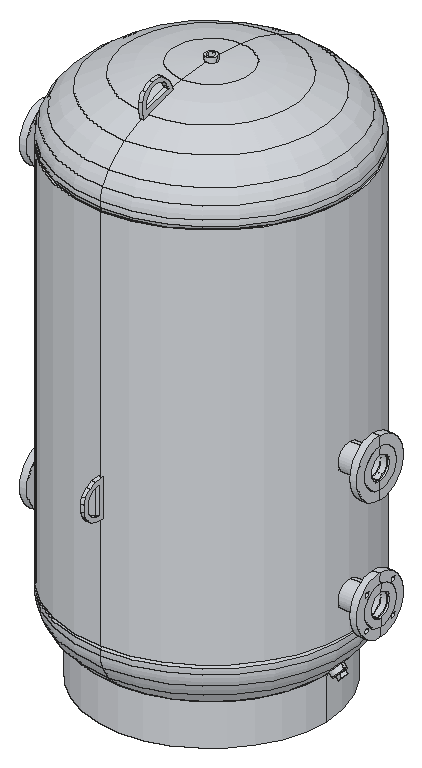
Revit family "HBT-300-33", category Generic Models, Revit 2014
Parameters (values of type "HBT-300-33")
  URL = "http://westank.com/"
  Tank Volume = 300.00 gal
  Part Number = 55643033
  Model = "HBT-300-33"
  Maximum Shipping Weight = 779 lbf
  G = 16"
  B = 3"
  A = 3"
  F = 32"
  E = 56"
  Description = "Wessels ASME 4-port primary-secondary Hot Water Buffer Tanks (HBT) are designed for use with today’s high efficiency systems that incorporate small modular low-mass boilers."
  D = 72"
  C = 36"
Reference planes (in)
  plane 1 "Center (Front/Back)": y = 0
  plane 2: z = 0
  plane 3 "Center (Left/Right)": x = 0
  plane 4: z = 0
  plane 5: x = -18
  plane 6: x = 18
  plane 7: z = 72
  plane 8: z = 56
  plane 9: z = 32
  plane 10: z = 16
Forms (in)
  Revolve 1, solid
    sketch origin (0, -0.02461, 0) x (0, 1, 0) y (0, 0, 1)
      loop
        line (-17.97559, 11.40987) -> (-17.77585, 11.40987)
        arc (-17.77585, 11.40987) -> (-17.77901, 11.38745) -> (-17.78675, 11.36617) r 0.10832
        line (-17.78675, 11.36617) -> (-17.97559, 10.97899)
        arc (-17.97559, 10.97899) -> (-17.97692, 10.6034) -> (-17.93634, 10.23002) r 3.36112
        arc (-17.93634, 10.23002) -> (-17.83534, 9.45516) -> (-17.56075, 8.72359) r 3.4127
        arc (-17.56075, 8.72359) -> (-17.14884, 7.91952) -> (-16.63227, 7.17835) r 6.68364
        arc (-16.63227, 7.17835) -> (-15.41449, 5.9118) -> (-13.99078, 4.88214) r 9.83519
        arc (-13.99078, 4.88214) -> (-12.33964, 3.99029) -> (-10.62031, 3.23825) r 22.63963
        arc (-10.62031, 3.23825) -> (-7.74153, 2.33452) -> (-4.76815, 1.82164) r 22.63963
        arc (-4.76815, 1.82164) -> (-2.37465, 1.61295) -> (0.02461, 1.4865) r 70.02787
        line (0.02461, 1.4865) -> (0.02461, 1.65848)
        arc (0.02461, 1.65848) -> (-2.3657, 1.78462) -> (-4.75028, 1.99258) r 69.85599
        arc (-4.75028, 1.99258) -> (-7.70109, 2.50157) -> (-10.55801, 3.39844) r 22.46775
        arc (-10.55801, 3.39844) -> (-12.26429, 4.14477) -> (-13.9029, 5.02985) r 22.46775
        arc (-13.9029, 5.02985) -> (-15.30173, 6.04151) -> (-16.49823, 7.28593) r 9.66331
        arc (-16.49823, 7.28593) -> (-17.00303, 8.01057) -> (-17.40515, 8.79685) r 6.51177
        arc (-17.40515, 8.79685) -> (-17.66943, 9.50016) -> (-17.76465, 10.24543) r 3.24083
        arc (-17.76465, 10.24543) -> (-17.80397, 10.58906) -> (-17.80585, 10.93493) r 3.18924
        line (-17.80585, 10.93493) -> (-17.63227, 11.29083)
        arc (-17.63227, 11.29083) -> (-17.60804, 11.35818) -> (-17.59889, 11.42917) r 0.33041
        line (-17.59889, 11.42917) -> (-17.80365, 11.42917) -> (-17.80365, 62.07314) -> (-17.59889, 62.07314)
        arc (-17.59889, 62.07314) -> (-17.60804, 62.14413) -> (-17.63227, 62.21149) r 0.33041
        line (-17.63227, 62.21149) -> (-17.80585, 62.56739)
        arc (-17.80585, 62.56739) -> (-17.80397, 62.91325) -> (-17.76465, 63.25688) r 3.18924
        arc (-17.76465, 63.25688) -> (-17.66943, 64.00215) -> (-17.40515, 64.70547) r 3.24083
        arc (-17.40515, 64.70547) -> (-17.00303, 65.49175) -> (-16.49823, 66.21639) r 6.51177
        arc (-16.49823, 66.21639) -> (-15.30173, 67.4608) -> (-13.9029, 68.47247) r 9.66331
        arc (-13.9029, 68.47247) -> (-12.26429, 69.35755) -> (-10.55801, 70.10388) r 22.46775
        arc (-10.55801, 70.10388) -> (-7.70109, 71.00074) -> (-4.75028, 71.50973) r 22.46775
        arc (-4.75028, 71.50973) -> (-2.3657, 71.71769) -> (0.02461, 71.84383) r 69.85599
        line (0.02461, 71.84383) -> (0.02461, 72.01582)
        arc (0.02461, 72.01582) -> (-2.37465, 71.88936) -> (-4.76815, 71.68068) r 70.02787
        arc (-4.76815, 71.68068) -> (-7.74153, 71.16779) -> (-10.62031, 70.26407) r 22.63963
        arc (-10.62031, 70.26407) -> (-12.33964, 69.51203) -> (-13.99078, 68.62018) r 22.63963
        arc (-13.99078, 68.62018) -> (-15.41449, 67.59052) -> (-16.63227, 66.32397) r 9.83519
        arc (-16.63227, 66.32397) -> (-17.14884, 65.58279) -> (-17.56075, 64.77872) r 6.68364
        arc (-17.56075, 64.77872) -> (-17.83534, 64.04715) -> (-17.93634, 63.2723) r 3.4127
        arc (-17.93634, 63.2723) -> (-17.97692, 62.89891) -> (-17.97559, 62.52332) r 3.36112
        line (-17.97559, 62.52332) -> (-17.78675, 62.13614)
        arc (-17.78675, 62.13614) -> (-17.77901, 62.11486) -> (-17.77585, 62.09244) r 0.10832
        line (-17.77585, 62.09244) -> (-17.97559, 62.09244) -> (-17.97559, 11.40987)
      axis (0.02461, 1.4865) -> (0.02461, 72.01582)
    angle from 0 to 360
  Revolve 2, solid
    sketch origin (-2.98639, 0, 41.50063) x (-1, 0, 0) y (0, 0, 1)
      loop
        line (17.8121, 12.74926) -> (17.8121, 12.37455) -> (18.0621, 12.37455) -> (18.0621, 10.7494) -> (18.9371, 10.7494) -> (18.9371, 11.9994) -> (18.9996, 11.9994) -> (18.9996, 12.74926) -> (17.8121, 12.74926)
      axis (18.9996, 14.49937) -> (17.8121, 14.49937)
    angle from 0 to 360
  Revolve 3, solid
    sketch origin (1.3301, 0, 3.24654) x (0.990017, 0, -0.140951) y (0.140951, 0, 0.990017)
      loop
        line (14.71753, 6.11956) -> (14.66586, 6.1556) -> (14.25436, 5.56561) -> (14.86992, 5.13627) -> (15.24588, 5.6753) -> (15.19462, 5.71106) -> (15.31904, 5.88945) -> (14.80641, 6.24699) -> (14.71753, 6.11956)
      axis (14.25436, 5.56561) -> (14.86992, 5.13627)
    angle from 0 to 360
  Extrusion 4, solid
    sketch origin (16.3437, -180, 7.27869) x (0.681658, 0, 0.731671) y (0, -1, 0)
      loop
        line (-0.16036, -179.52645) -> (-0.95521, -179.68698) -> (-0.79485, -180.48095) -> (0, -180.32042) -> (-0.16036, -179.52645)
    from 1.02698 to 1.52678
  Extrusion 5, solid
    sketch origin (0, -6.04905, 4.9833) x (0, 1, 0) y (0, 0, 1)
      loop
        line (-11.93439, 21.33067) -> (-11.93439, 26.202)
        arc (-11.93439, 26.202) -> (-12.47846, 26.15164) -> (-13.01533, 26.05008) r 5.77422
        arc (-13.01533, 26.05008) -> (-13.49297, 25.89754) -> (-13.94252, 25.67548) r 3.35288
        arc (-13.94252, 25.67548) -> (-14.34081, 25.36666) -> (-14.64962, 24.96837) r 2.0073
        arc (-14.64962, 24.96837) -> (-14.80343, 24.58932) -> (-14.88788, 24.18906) r 2.30742
        arc (-14.88788, 24.18906) -> (-14.91277, 23.77188) -> (-14.88788, 23.3547) r 3.50846
        arc (-14.88788, 23.3547) -> (-14.79412, 22.92876) -> (-14.61961, 22.52904) r 2.24053
        arc (-14.61961, 22.52904) -> (-14.27401, 22.08806) -> (-13.80999, 21.77406) r 1.8078
        arc (-13.80999, 21.77406) -> (-13.34321, 21.55591) -> (-12.84107, 21.44044) r 2.44481
        arc (-12.84107, 21.44044) -> (-12.39043, 21.36326) -> (-11.93439, 21.33067) r 4.65484
      loop
        arc (-12.44611, 25.63929) -> (-12.67227, 25.60073) -> (-12.89654, 25.55235) r 5.2625
        arc (-12.89654, 25.55235) -> (-13.30128, 25.42308) -> (-13.68221, 25.23491) r 2.84116
        arc (-13.68221, 25.23491) -> (-13.97364, 25.01013) -> (-14.20134, 24.72098) r 1.49558
        arc (-14.20134, 24.72098) -> (-14.3163, 24.43235) -> (-14.37979, 24.12821) r 1.7957
        arc (-14.37979, 24.12821) -> (-14.40106, 23.77188) -> (-14.37979, 23.41555) r 2.99674
        arc (-14.37979, 23.41555) -> (-14.30745, 23.08689) -> (-14.17279, 22.77846) r 1.72881
        arc (-14.17279, 22.77846) -> (-13.91552, 22.45353) -> (-13.56884, 22.22643) r 1.29608
        arc (-13.56884, 22.22643) -> (-13.1779, 22.0402) -> (-12.75531, 21.94566) r 1.9331
        arc (-12.75531, 21.94566) -> (-12.60126, 21.91347) -> (-12.44611, 21.88716) r 4.14312
        line (-12.44611, 21.88716) -> (-12.44611, 25.63929)
    from -0.24366 to 0.25634
  Extrusion 6, solid
    sketch origin (0, -28.53332, 53.09576) x (0, 0.284015, -0.95882) y (0, 0.95882, 0.284015)
      loop
        arc (-11.9298, 25.67102) -> (-12.15596, 25.63246) -> (-12.38023, 25.58408) r 5.2625
        arc (-12.38023, 25.58408) -> (-12.78497, 25.45482) -> (-13.16591, 25.26664) r 2.84116
        arc (-13.16591, 25.26664) -> (-13.45733, 25.04186) -> (-13.68503, 24.75271) r 1.49558
        arc (-13.68503, 24.75271) -> (-13.8, 24.46408) -> (-13.86349, 24.15994) r 1.7957
        arc (-13.86349, 24.15994) -> (-13.88475, 23.80361) -> (-13.86349, 23.44728) r 2.99674
        arc (-13.86349, 23.44728) -> (-13.79114, 23.11862) -> (-13.65649, 22.81019) r 1.72881
        arc (-13.65649, 22.81019) -> (-13.39922, 22.48527) -> (-13.05253, 22.25816) r 1.29608
        arc (-13.05253, 22.25816) -> (-12.66159, 22.07193) -> (-12.239, 21.97739) r 1.9331
        arc (-12.239, 21.97739) -> (-12.08496, 21.94521) -> (-11.9298, 21.91889) r 4.14312
        line (-11.9298, 21.91889) -> (-11.9298, 25.67102)
      loop
        line (-11.25461, 21.34343) -> (-11.25461, 26.18965)
        arc (-11.25461, 26.18965) -> (-12.15974, 26.1622) -> (-13.02719, 25.90227) r 3.48194
        arc (-13.02719, 25.90227) -> (-13.54727, 25.6041) -> (-13.99851, 25.20943) r 3.03185
        arc (-13.99851, 25.20943) -> (-14.28248, 24.55653) -> (-14.39992, 23.8543) r 2.91879
        arc (-14.39992, 23.8543) -> (-14.3348, 23.1787) -> (-14.08611, 22.54717) r 2.44012
        arc (-14.08611, 22.54717) -> (-13.716, 22.08641) -> (-13.21844, 21.76749) r 1.83162
        arc (-13.21844, 21.76749) -> (-12.25729, 21.45928) -> (-11.25461, 21.34343) r 5.1769
    from -0.24366 to 0.25634
  Extrusion 7, solid
    sketch origin (0, 0, 0) x (1, 0, 0) y (0, 1, 0)
      loop
        circle (0, 0) r 0.75
      loop
        circle (0, 0) r 0.5
    from 71.36613 to 72.49354
  Extrusion 8, void
    sketch origin (-3.60333, 0.13917, 42.92009) x (0, 1, 0) y (0, 0, -1)
      loop
        circle (1.97118, -15.20314) r 0.37532
      loop
        circle (1.96878, -10.97252) r 0.37532
      loop
        circle (-2.27402, -15.19873) r 0.37532
      loop
        circle (-2.2381, -10.92495) r 0.37532
    from 15.80097 to 20.25
  Extrusion 9, void
    sketch origin (0, 0, 0) x (1, 0, 0) y (0, 1, 0)
      loop
        circle (0, 0) r 0.5
    from 70.90268 to 73.75579
  Revolve 10, solid
    sketch origin (0, 0, 0) x (1, 0, 0) y (0, 0, 1)
      loop
        line (14.82824, 5.43485) -> (14.82824, 0) -> (15, 0) -> (15, 5.43485) -> (14.82824, 5.43485)
      axis (0, 5.43485) -> (0, 0)
    angle from 0 to 360
  Revolve 11, solid
    sketch origin (-3.58795, 0, 41.50258) x (1, 0, 0) y (0, 0, 1)
      loop
        line (-13.89804, 12.96328) -> (-18.02304, 12.96328) -> (-18.02304, 12.74742) -> (-13.89804, 12.74742) -> (-13.89804, 12.96328)
      axis (-18.02304, 14.49742) -> (-13.89804, 14.49742)
    angle from 0 to 360
  Extrusion 12, void
    sketch origin (0, 0, 0.25) x (0, 1, 0) y (0, 0, 1)
      loop
        circle (0, 55.75) r 1.53414
    from -21.98599 to -16.85333
  Revolve 13, solid
    sketch origin (3.00177, 0, 1.50063) x (1, 0, 0) y (0, 0, 1)
      loop
        line (17.8121, 12.9645) -> (17.8121, 12.37455) -> (18.0621, 12.37455) -> (18.0621, 10.7494) -> (18.9371, 10.7494) -> (18.9371, 11.9994) -> (18.9996, 11.9994) -> (18.9996, 12.9645) -> (17.8121, 12.9645)
      axis (18.9996, 14.49937) -> (17.8121, 14.49937)
    angle from 0 to 360
  Revolve 14, solid
    sketch origin (3.60333, 0, 1.50258) x (-1, 0, 0) y (0, 0, 1)
      loop
        line (-13.89804, 12.96328) -> (-18.02304, 12.96328) -> (-18.02304, 12.74742) -> (-13.89804, 12.74742) -> (-13.89804, 12.96328)
      axis (-18.02304, 14.49742) -> (-13.89804, 14.49742)
    angle from 0 to 360
  Extrusion 15, void
    sketch origin (3.60333, 0.13917, 1.92009) x (0, 1, 0) y (0, 0, 1)
      loop
        circle (1.97118, 16.20314) r 0.37532
      loop
        circle (1.96878, 11.97252) r 0.37532
      loop
        circle (-2.27402, 16.19873) r 0.37532
      loop
        circle (-2.3006, 11.98745) r 0.37532
    from 15.80097 to 20.25
  Revolve 16, solid
    sketch origin (-2.98639, 0, 1.50063) x (-1, 0, 0) y (0, 0, 1)
      loop
        line (17.8121, 12.74926) -> (17.8121, 12.37455) -> (18.0621, 12.37455) -> (18.0621, 10.7494) -> (18.9371, 10.7494) -> (18.9371, 11.9994) -> (18.9996, 11.9994) -> (18.9996, 12.74926) -> (17.8121, 12.74926)
      axis (18.9996, 14.49937) -> (17.8121, 14.49937)
    angle from 0 to 360
  Revolve 17, solid
    sketch origin (-3.58795, 0, 1.50258) x (1, 0, 0) y (0, 0, 1)
      loop
        line (-13.89804, 12.96328) -> (-18.02304, 12.96328) -> (-18.02304, 12.74742) -> (-13.89804, 12.74742) -> (-13.89804, 12.96328)
      axis (-18.02304, 14.49742) -> (-13.89804, 14.49742)
    angle from 0 to 360
  Revolve 18, solid
    sketch origin (2.99409, 0, 17.50063) x (1, 0, 0) y (0, 0, 1)
      loop
        line (17.8121, 12.9645) -> (17.8121, 12.37455) -> (18.0621, 12.37455) -> (18.0621, 10.7494) -> (18.9371, 10.7494) -> (18.9371, 11.9994) -> (18.9996, 11.9994) -> (18.9996, 12.9645) -> (17.8121, 12.9645)
      axis (18.9996, 14.49937) -> (17.8121, 14.49937)
    angle from 0 to 360
  Revolve 19, solid
    sketch origin (3.59565, 0, 17.50259) x (-1, 0, 0) y (0, 0, 1)
      loop
        line (-13.89804, 12.96328) -> (-18.02304, 12.96328) -> (-18.02304, 12.74742) -> (-13.89804, 12.74742) -> (-13.89804, 12.96328)
      axis (-18.02304, 14.49742) -> (-13.89804, 14.49742)
    angle from 0 to 360
  Extrusion 20, void
    sketch origin (0, 0, -39.75) x (0, 1, 0) y (0, 0, 1)
      loop
        circle (0, 55.75) r 1.53414
    from -25.40897 to -10.94077
  Extrusion 21, void
    sketch origin (34.97968, 0, -23.75) x (0, 1, 0) y (0, 0, 1)
      loop
        circle (0, 55.75) r 1.53414
    from -21.98599 to -8.57538
  Extrusion 22, void
    sketch origin (34.98737, 0, -39.75) x (0, 1, 0) y (0, 0, 1)
      loop
        circle (0, 55.75) r 1.53414
    from -21.98599 to -12.08307
  Extrusion 23, void
    sketch origin (-3.60333, 0.13917, 2.92009) x (0, 1, 0) y (0, 0, -1)
      loop
        circle (1.97118, -15.20314) r 0.37532
      loop
        circle (1.96878, -10.97252) r 0.37532
      loop
        circle (-2.27402, -15.19873) r 0.37532
      loop
        circle (-2.2381, -10.92495) r 0.37532
    from 15.80097 to 20.25
Cuts and joins
  joined: Extrusion 4, Extrusion 5, Extrusion 6, Extrusion 7, Revolve 10
  Extrusion 9, Extrusion 12, Extrusion 15, Extrusion 20, Extrusion 21, Extrusion 22, Extrusion 23 cuts Revolve 1
  Extrusion 8, Extrusion 15, Extrusion 20, Extrusion 21, Extrusion 22, Extrusion 23 cuts Revolve 2
  joined: Revolve 1, Revolve 2
  Extrusion 15 cuts Revolve 13
  Extrusion 20 cuts Revolve 11
  Extrusion 21 cuts Revolve 17
  Extrusion 22 cuts Revolve 19
  Extrusion 23 cuts Revolve 16
Dimensions and locks (in)
  "D": plane 7 to plane 4
  "G": plane 10 to plane 4
  "F": plane 9 to plane 4
  "E": plane 8 to plane 4
  "C": plane 6 to plane 5
  aligned and locked: plane 2 to level
Automatic sketch dimensions
  Revolve 1 sketch curve to Revolve 1 sketch curve = 0"  (x56)
  Revolve 1 sketch curve to plane 1 "Center (Front/Back)" = 0"  (x3)
  plane 1 "Center (Front/Back)" to Revolve 1 sketch curve = 2.43969"  (x2)
  Revolve 1 sketch curve to plane 10 = 2.66549"
  plane 1 "Center (Front/Back)" to Revolve 1 sketch curve = 8.98663"  (x2)
  plane 8 to Revolve 1 sketch curve = 4.16781"
  Revolve 1 sketch curve to Revolve 1 sketch curve = 2.45782"  (x2)
  Revolve 1 sketch curve to Revolve 1 sketch curve = 3.10417"  (x2)
  Revolve 1 sketch curve to Revolve 1 sketch curve = 0.0964"  (x2)
  Revolve 1 sketch curve to Revolve 1 sketch curve = 2.97849"  (x2)
  plane 8 to Revolve 1 sketch curve = 6.21149"
  Revolve 1 sketch curve to Revolve 1 sketch curve = 0.03338"  (x2)
  Revolve 1 sketch curve to plane 10 = 4.70917"
  Revolve 1 sketch curve to Revolve 1 sketch curve = 0.17696"  (x2)
  Revolve 1 sketch curve to plane 10 = 4.63383"
  Revolve 1 sketch curve to Revolve 1 sketch curve = 0.0109"  (x2)
  plane 8 to Revolve 1 sketch curve = 6.13614"
  Revolve 1 sketch curve to Revolve 1 sketch curve = 0.0278"
  plane 8 to Revolve 1 sketch curve = 6.56739"
  Revolve 1 sketch curve to Revolve 1 sketch curve = 0.17358"  (x2)
  Revolve 1 sketch curve to plane 10 = 5.06507"
  Revolve 1 sketch curve to Revolve 1 sketch curve = 0.08045"  (x2)
  Revolve 1 sketch curve to Revolve 1 sketch curve = 0.04514"  (x2)
  Revolve 1 sketch curve to Revolve 1 sketch curve = 0.04635"
  Revolve 1 sketch curve to plane 10 = 5.02101"
  Revolve 1 sketch curve to Revolve 1 sketch curve = 0.16974"  (x2)
  plane 8 to Revolve 1 sketch curve = 6.52332"
  Revolve 1 sketch curve to plane 7 = 0.52976"
  Revolve 1 sketch curve to plane 1 "Center (Front/Back)" = 2.48565"  (x2)
  Revolve 1 sketch curve to Revolve 1 sketch curve = 0.51151"
  Revolve 1 sketch curve to Revolve 1 sketch curve = 0.49854"  (x2)
  level to Revolve 1 sketch curve = 2.03208"
  level to Revolve 1 sketch curve = 1.65848"
  Revolve 1 sketch curve to Revolve 1 sketch curve = 0.17198"
  Revolve 1 sketch curve to Revolve 1 sketch curve = 1 249/256"  (x2)
  Revolve 1 sketch curve to Revolve 1 sketch curve = 0.0437"
  Revolve 1 sketch curve to Revolve 1 sketch curve = 0.0193"
  Revolve 1 sketch curve to plane 9 = 7.66135"
  Revolve 1 sketch curve to plane 8 = 6.83634"
  Revolve 1 sketch curve to Revolve 1 sketch curve = 0.0695"
  Revolve 1 sketch curve to Revolve 1 sketch curve = 0.02202"
  Revolve 1 sketch curve to Revolve 1 sketch curve = 0.64986"
  Revolve 1 sketch curve to plane 7 = 0.15617"
  plane 7 to Revolve 1 sketch curve = 0.01582"
  Revolve 1 sketch curve to plane 7 = 1.89612"
  level to Revolve 1 sketch curve = 3 51/128"
  Revolve 1 sketch curve to Revolve 1 sketch curve = 0.06229"  (x2)
  Revolve 1 sketch curve to Revolve 1 sketch curve = 0.90692"  (x2)
  Revolve 1 sketch curve to Revolve 1 sketch curve = 0.1556"  (x2)
  Revolve 1 sketch curve to plane 9 = 3.10692"
  plane 9 to Revolve 1 sketch curve = 0.64308"
  Revolve 2 sketch curve to plane 8 = 0"
  plane 5 to Revolve 2 sketch curve = 2.79849"
  Revolve 2 sketch curve to Revolve 2 sketch curve = 1/4"
  Revolve 2 sketch curve to Revolve 2 sketch curve = 7/8"
  Revolve 2 sketch curve to Revolve 2 sketch curve = 1/16"
  plane 8 to Revolve 2 sketch curve = 1.75011"
  Revolve 2 sketch curve to Revolve 2 sketch curve = 0.37471"
  Revolve 2 sketch curve to Revolve 2 sketch curve = 0.74986"
  Revolve 2 sketch curve to Revolve 2 sketch curve = 1 1/4"
  Revolve 2 sketch curve to plane 5 = 0.59331"
  Revolve 2 sketch curve to Revolve 2 sketch curve = 0.68278"
  Revolve 3 sketch curve to plane 6 = 1.77337"
  level to Revolve 3 sketch curve = 6.74742"
  Revolve 3 sketch curve to Revolve 3 sketch curve = 0.4115"
  Revolve 3 sketch curve to Revolve 3 sketch curve = 0.05167"
  Revolve 3 sketch curve to Revolve 3 sketch curve = 0.08888"
  Revolve 3 sketch curve to Revolve 3 sketch curve = 0.61556"
  Revolve 3 sketch curve to Revolve 3 sketch curve = 0.47709"
  Revolve 3 sketch curve to Revolve 3 sketch curve = 0.05126"
  Revolve 3 sketch curve to Revolve 3 sketch curve = 0.42934"
  Revolve 3 sketch curve to Revolve 3 sketch curve = 0.12768"
  Revolve 3 sketch curve to Revolve 3 sketch curve = 0"  (x2)
  Revolve 3 sketch curve to Revolve 3 sketch curve = 0.08905"
  plane 1 "Center (Front/Back)" to Extrusion 4 sketch curve = 0.31302"
  Extrusion 4 sketch curve to plane 1 "Center (Front/Back)" = 0.48095"
  Extrusion 4 sketch curve to Extrusion 4 sketch curve = 0.16036"  (x2)
  plane 1 "Center (Front/Back)" to Extrusion 4 sketch curve = 0.47355"
  Extrusion 4 sketch curve to Extrusion 4 sketch curve = 0.79485"
  Extrusion 4 sketch curve to plane 1 "Center (Front/Back)" = 0.32042"
  Extrusion 5 sketch curve to Extrusion 5 sketch curve = 0"  (x24)
  Extrusion 5 sketch curve to plane 9 = 3.6065"
  plane 1 "Center (Front/Back)" to Extrusion 5 sketch curve = 19.09014"
  Extrusion 5 sketch curve to Extrusion 5 sketch curve = 0.11966"
  Extrusion 5 sketch curve to Extrusion 5 sketch curve = 0.25819"
  Extrusion 5 sketch curve to Extrusion 5 sketch curve = 17/256"
  Extrusion 5 sketch curve to Extrusion 5 sketch curve = 0.04958"
  Extrusion 5 sketch curve to Extrusion 5 sketch curve = 0.15073"
  Extrusion 5 sketch curve to Extrusion 5 sketch curve = 0.20915"
  Extrusion 5 sketch curve to Extrusion 5 sketch curve = 131/256"
  Extrusion 5 sketch curve to Extrusion 5 sketch curve = 0.10338"
  Extrusion 5 sketch curve to Extrusion 5 sketch curve = 0.25955"
  Extrusion 5 sketch curve to Extrusion 5 sketch curve = 1.14294"
  Extrusion 5 sketch curve to Extrusion 5 sketch curve = 0.62139"
  Extrusion 5 sketch curve to Extrusion 5 sketch curve = 0.90165"
  Extrusion 5 sketch curve to Extrusion 5 sketch curve = 0.55648"
  Extrusion 5 sketch curve to Extrusion 5 sketch curve = 0.89706"
  Extrusion 5 sketch curve to Extrusion 5 sketch curve = 27/128"
  Extrusion 5 sketch curve to Extrusion 5 sketch curve = 0.15076"
  Extrusion 5 sketch curve to Extrusion 5 sketch curve = 0.24641"
  Extrusion 5 sketch curve to Extrusion 5 sketch curve = 0.04716"
  Extrusion 5 sketch curve to Extrusion 5 sketch curve = 0.0326"
  Extrusion 5 sketch curve to plane 9 = 1.37741"
  Extrusion 5 sketch curve to Extrusion 5 sketch curve = 0.34507"
  Extrusion 5 sketch curve to Extrusion 5 sketch curve = 0.21764"
  Extrusion 5 sketch curve to Extrusion 5 sketch curve = 1.12273"
  Extrusion 5 sketch curve to Extrusion 5 sketch curve = 0.78568"
  Extrusion 5 sketch curve to Extrusion 5 sketch curve = 0.24115"
  Extrusion 5 sketch curve to Extrusion 5 sketch curve = 0.2603"
  Extrusion 5 sketch curve to Extrusion 5 sketch curve = 0.60395"
  Extrusion 5 sketch curve to Extrusion 5 sketch curve = 0.51913"
  Extrusion 5 sketch curve to Extrusion 5 sketch curve = 0.44682"
  Extrusion 5 sketch curve to Extrusion 5 sketch curve = 0.44829"
  Extrusion 6 sketch curve to plane 7 = 0.23736"
  plane 1 "Center (Front/Back)" to Extrusion 6 sketch curve = 9.61397"
  Extrusion 6 sketch curve to Extrusion 6 sketch curve = 0.03301"
  Extrusion 6 sketch curve to Extrusion 6 sketch curve = 0.08665"
  Extrusion 6 sketch curve to Extrusion 6 sketch curve = 0.34483"
  Extrusion 6 sketch curve to Extrusion 6 sketch curve = 17/256"
  Extrusion 6 sketch curve to Extrusion 6 sketch curve = 0.04958"
  Extrusion 6 sketch curve to Extrusion 6 sketch curve = 0.06885"
  Extrusion 6 sketch curve to Extrusion 6 sketch curve = 0.15073"
  Extrusion 6 sketch curve to Extrusion 6 sketch curve = 0.36028"
  Extrusion 6 sketch curve to Extrusion 6 sketch curve = 0.06601"
  Extrusion 6 sketch curve to Extrusion 6 sketch curve = 0.11815"
  Extrusion 6 sketch curve to Extrusion 6 sketch curve = 0.47821"
  Extrusion 6 sketch curve to Extrusion 6 sketch curve = 0.6151"
  Extrusion 6 sketch curve to Extrusion 6 sketch curve = 0.0601"
  Extrusion 6 sketch curve to Extrusion 6 sketch curve = 0.09002"
  Extrusion 6 sketch curve to Extrusion 6 sketch curve = 0.09607"
  Extrusion 6 sketch curve to Extrusion 6 sketch curve = 0.59588"
  Extrusion 6 sketch curve to Extrusion 6 sketch curve = 0.3061"
  Extrusion 6 sketch curve to Extrusion 6 sketch curve = 0.31529"
  Extrusion 6 sketch curve to Extrusion 6 sketch curve = 0.0954"
  Extrusion 6 sketch curve to Extrusion 6 sketch curve = 0.80625"
  Extrusion 6 sketch curve to Extrusion 6 sketch curve = 0.57547"
  Extrusion 6 sketch curve to Extrusion 6 sketch curve = 0.87808"
  Extrusion 6 sketch curve to Extrusion 6 sketch curve = 0.00686"
  Extrusion 6 sketch curve to Extrusion 6 sketch curve = 0.20406"
  Extrusion 6 sketch curve to Extrusion 6 sketch curve = 0.59172"
  Extrusion 6 sketch curve to Extrusion 6 sketch curve = 0.09548"
  Extrusion 6 sketch curve to Extrusion 6 sketch curve = 0.07607"
  Extrusion 6 sketch curve to Extrusion 6 sketch curve = 0.15093"
  Extrusion 6 sketch curve to Extrusion 6 sketch curve = 0.04716"
  Extrusion 6 sketch curve to Extrusion 6 sketch curve = 0.0326"
  Extrusion 6 sketch curve to Extrusion 6 sketch curve = 1.7246"
  Extrusion 6 sketch curve to Extrusion 6 sketch curve = 0.34507"
  Extrusion 6 sketch curve to Extrusion 6 sketch curve = 0.17356"
  Extrusion 6 sketch curve to Extrusion 6 sketch curve = 0.32989"
  Extrusion 6 sketch curve to Extrusion 6 sketch curve = 0"  (x6)
  Extrusion 6 sketch curve to Extrusion 6 sketch curve = 0.1659"
  Extrusion 6 sketch curve to Extrusion 6 sketch curve = 0.13872"
  Extrusion 6 sketch curve to Extrusion 6 sketch curve = 0.42962"
  Extrusion 6 sketch curve to Extrusion 6 sketch curve = 0.51913"
  Extrusion 6 sketch curve to Extrusion 6 sketch curve = 0.31348"
  Extrusion 7 sketch curve to Extrusion 7 sketch curve = 0"  (x2)
  plane 1 "Center (Front/Back)" to Extrusion 7 sketch curve = 0"
  Extrusion 7 sketch curve to plane 3 "Center (Left/Right)" = 0"
  plane 1 "Center (Front/Back)" to Extrusion 8 sketch curve = 2.13485"
  plane 1 "Center (Front/Back)" to Extrusion 8 sketch curve = 2.09893"
  Extrusion 8 sketch curve to plane 1 "Center (Front/Back)" = 2.10795"
  Extrusion 8 sketch curve to plane 1 "Center (Front/Back)" = 2.11035"
  plane 8 to Extrusion 8 sketch curve = 2.12323"
  plane 8 to Extrusion 8 sketch curve = 2.11883"
  Extrusion 8 sketch curve to plane 8 = 2.10739"
  Extrusion 8 sketch curve to plane 8 = 2.15495"
  Extrusion 9 sketch curve to Extrusion 9 sketch curve = 0"  (x2)
  plane 1 "Center (Front/Back)" to Extrusion 9 sketch curve = 0"
  Extrusion 9 sketch curve to plane 3 "Center (Left/Right)" = 0"
  Extrusion 9 sketch curve to plane 3 "Center (Left/Right)" = 1/2"
  Revolve 10 sketch curve to plane 3 "Center (Left/Right)" = 0"
  Revolve 10 sketch curve to level = 0"
  Revolve 10 sketch curve to plane 6 = 3.17176"
  Revolve 10 sketch curve to Revolve 10 sketch curve = 0.17176"
  level to Revolve 10 sketch curve = 5.43485"
  level to Revolve 10 sketch curve = 4.69941"
  Revolve 10 sketch curve to Revolve 10 sketch curve = 1"
  Revolve 11 sketch curve to plane 8 = 0"
  Revolve 11 sketch curve to plane 8 = 1 3/4"
  Revolve 11 sketch curve to plane 5 = 3.61099"
  plane 5 to Revolve 11 sketch curve = 0.51401"
  Revolve 11 sketch curve to Revolve 11 sketch curve = 0.21586"
  Revolve 11 sketch curve to plane 5 = 0.15872"
  plane 5 to Revolve 11 sketch curve = 0.20143"
  Extrusion 12 sketch curve to Extrusion 12 sketch curve = 0"  (x2)
  Extrusion 12 sketch curve to plane 1 "Center (Front/Back)" = 0"
  Extrusion 12 sketch curve to plane 8 = 0"
  Extrusion 12 sketch curve to plane 8 = 1.53414"
  Revolve 13 sketch curve to plane 10 = 0"
  plane 6 to Revolve 13 sketch curve = 2.81387"
  Revolve 13 sketch curve to Revolve 13 sketch curve = 1/4"
  Revolve 13 sketch curve to Revolve 13 sketch curve = 7/8"
  Revolve 13 sketch curve to Revolve 13 sketch curve = 1/16"
  Revolve 13 sketch curve to plane 10 = 1.53487"
  Revolve 13 sketch curve to Revolve 13 sketch curve = 0.58995"
  Revolve 13 sketch curve to Revolve 13 sketch curve = 0.96511"
  Revolve 13 sketch curve to Revolve 13 sketch curve = 1 1/4"
  Revolve 13 sketch curve to plane 6 = 0.57793"
  Revolve 13 sketch curve to Revolve 13 sketch curve = 0.68278"
  Revolve 14 sketch curve to plane 10 = 0"
  plane 10 to Revolve 14 sketch curve = 1 3/4"
  Revolve 14 sketch curve to plane 6 = 3.62637"
  plane 6 to Revolve 14 sketch curve = 0.49863"
  Revolve 14 sketch curve to Revolve 14 sketch curve = 0.21586"
  Revolve 14 sketch curve to plane 6 = 0.1741"
  plane 6 to Revolve 14 sketch curve = 0.18605"
  plane 1 "Center (Front/Back)" to Extrusion 15 sketch curve = 2.16143"
  plane 1 "Center (Front/Back)" to Extrusion 15 sketch curve = 2.13485"
  Extrusion 15 sketch curve to plane 1 "Center (Front/Back)" = 2.10795"
  Extrusion 15 sketch curve to plane 1 "Center (Front/Back)" = 2.11035"
  Extrusion 15 sketch curve to plane 10 = 2.10739"
  Extrusion 15 sketch curve to plane 10 = 2.09245"
  plane 10 to Extrusion 15 sketch curve = 2.11883"
  plane 10 to Extrusion 15 sketch curve = 2.12323"
  Revolve 16 sketch curve to plane 10 = 0"
  plane 5 to Revolve 16 sketch curve = 2.79849"
  Revolve 16 sketch curve to Revolve 16 sketch curve = 1/4"
  Revolve 16 sketch curve to Revolve 16 sketch curve = 7/8"
  Revolve 16 sketch curve to Revolve 16 sketch curve = 1/16"
  plane 10 to Revolve 16 sketch curve = 1.75011"
  Revolve 16 sketch curve to Revolve 16 sketch curve = 0.37471"
  Revolve 16 sketch curve to Revolve 16 sketch curve = 0.74986"
  Revolve 16 sketch curve to Revolve 16 sketch curve = 1 1/4"
  Revolve 16 sketch curve to plane 5 = 0.59331"
  Revolve 16 sketch curve to Revolve 16 sketch curve = 0.68278"
  Revolve 17 sketch curve to plane 10 = 0"
  Revolve 17 sketch curve to plane 10 = 1 3/4"
  Revolve 17 sketch curve to plane 5 = 3.61099"
  plane 5 to Revolve 17 sketch curve = 0.51401"
  Revolve 17 sketch curve to Revolve 17 sketch curve = 0.21586"
  Revolve 17 sketch curve to plane 5 = 0.15872"
  plane 5 to Revolve 17 sketch curve = 0.20143"
  plane 6 to Revolve 18 sketch curve = 2.80619"
  Revolve 18 sketch curve to Revolve 18 sketch curve = 1/4"
  Revolve 18 sketch curve to Revolve 18 sketch curve = 7/8"
  Revolve 18 sketch curve to Revolve 18 sketch curve = 1/16"
  Revolve 18 sketch curve to plane 9 = 3.74997"
  Revolve 18 sketch curve to Revolve 18 sketch curve = 1 1/4"
  Revolve 18 sketch curve to Revolve 18 sketch curve = 0.37515"
  Revolve 18 sketch curve to Revolve 18 sketch curve = 0.58995"
  plane 9 to Revolve 18 sketch curve = 0"
  Revolve 18 sketch curve to plane 6 = 0.58561"
  Revolve 18 sketch curve to Revolve 18 sketch curve = 0.68278"
  plane 9 to Revolve 19 sketch curve = 1 3/4"
  Revolve 19 sketch curve to plane 6 = 3.61869"
  plane 6 to Revolve 19 sketch curve = 0.50631"
  Revolve 19 sketch curve to Revolve 19 sketch curve = 0.21586"
  Revolve 19 sketch curve to plane 9 = 0"
  Revolve 19 sketch curve to plane 6 = 0.16642"
  plane 6 to Revolve 19 sketch curve = 0.19373"
  Extrusion 20 sketch curve to Extrusion 20 sketch curve = 0"  (x2)
  Extrusion 20 sketch curve to plane 1 "Center (Front/Back)" = 0"
  Extrusion 20 sketch curve to plane 10 = 0"
  Extrusion 20 sketch curve to plane 10 = 1.53414"
  Extrusion 21 sketch curve to Extrusion 21 sketch curve = 0"  (x2)
  Extrusion 21 sketch curve to plane 1 "Center (Front/Back)" = 0"
  plane 9 to Extrusion 21 sketch curve = 0"
  Extrusion 21 sketch curve to plane 9 = 1.53414"
  Extrusion 22 sketch curve to Extrusion 22 sketch curve = 0"  (x2)
  Extrusion 22 sketch curve to plane 1 "Center (Front/Back)" = 0"
  Extrusion 22 sketch curve to plane 10 = 0"
  Extrusion 22 sketch curve to plane 10 = 1.53414"
  plane 1 "Center (Front/Back)" to Extrusion 23 sketch curve = 2.13485"
  plane 1 "Center (Front/Back)" to Extrusion 23 sketch curve = 2.09893"
  Extrusion 23 sketch curve to plane 1 "Center (Front/Back)" = 2.10795"
  Extrusion 23 sketch curve to plane 1 "Center (Front/Back)" = 2.11035"
  plane 10 to Extrusion 23 sketch curve = 2.12323"
  plane 10 to Extrusion 23 sketch curve = 2.11883"
  Extrusion 23 sketch curve to plane 10 = 2.10739"
  Extrusion 23 sketch curve to plane 10 = 2.15495"
  radius of Extrusion 7 sketch curve = 3/4"
  radius of Extrusion 7 sketch curve = 1/2"
  radius of Extrusion 8 sketch curve = 0.37532"  (x4)
  radius of Extrusion 15 sketch curve = 0.37532"  (x4)
  radius of Extrusion 23 sketch curve = 0.37532"  (x4)
Connectors (in)
  piping at (22.00137, 0, 16), diameter 3, driven by "A"
    settings: on Revolve 13, index 1, connector inside diameter 24", connector length 0", flow factor 0, pipe flow 0 GPM, pressure drop 0.00 psi, fitting loss kfactor 0, connector angle 0°, fixture units 0, engagement length 0", angle of deflection 0°, flow configuration 0, flow direction 0, fitting loss method 0, system type 7, joint type 0, gender type 0, connector reference index -1, connector utility 0, adjustable connector no, is connector primary yes, connector description ""
  piping at (-21.98599, 0, 56), diameter 3, driven by "B"
    settings: on Revolve 2, index 2, connector inside diameter 24", connector length 0", flow factor 0, pipe flow 0 GPM, pressure drop 0.00 psi, fitting loss kfactor 0, connector angle 0°, fixture units 0, engagement length 0", angle of deflection 0°, flow configuration 0, flow direction 0, fitting loss method 0, system type 7, joint type 0, gender type 0, connector reference index -1, connector utility 0, adjustable connector no, is connector primary no, connector description ""
  piping at (-21.98599, 0, 16), diameter 3, driven by "B"
    settings: on Revolve 16, index 3, connector inside diameter 24", connector length 0", flow factor 0, pipe flow 0 GPM, pressure drop 0.00 psi, fitting loss kfactor 0, connector angle 0°, fixture units 0, engagement length 0", angle of deflection 0°, flow configuration 0, flow direction 0, fitting loss method 0, system type 7, joint type 0, gender type 0, connector reference index -1, connector utility 0, adjustable connector no, is connector primary no, connector description ""
  piping at (21.99369, 0, 32), diameter 3, driven by "A"
    settings: on Revolve 18, index 4, connector inside diameter 24", connector length 0", flow factor 0, pipe flow 0 GPM, pressure drop 0.00 psi, fitting loss kfactor 0, connector angle 0°, fixture units 0, engagement length 0", angle of deflection 0°, flow configuration 0, flow direction 0, fitting loss method 0, system type 7, joint type 0, gender type 0, connector reference index -1, connector utility 0, adjustable connector no, is connector primary no, connector description ""
